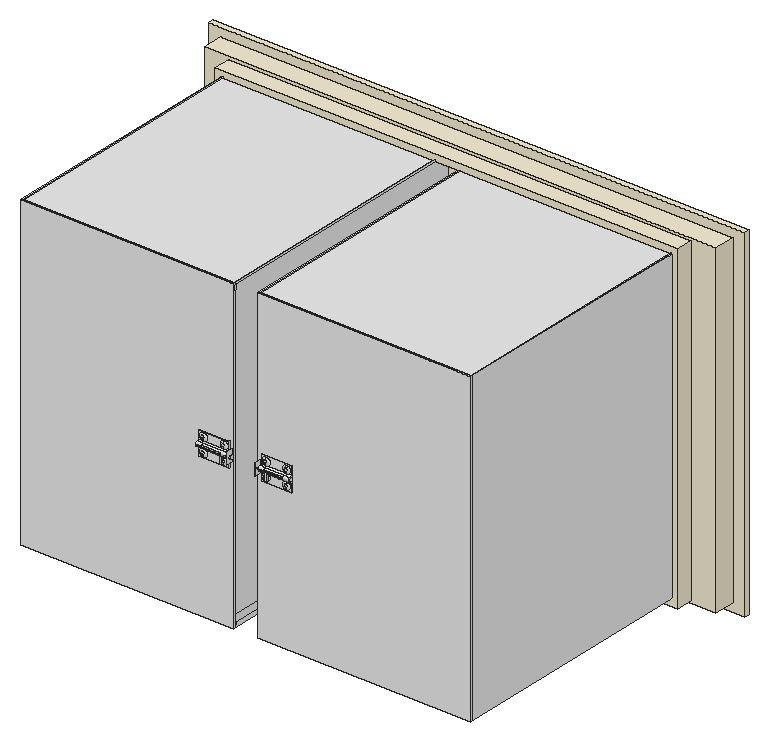
Revit family "Mailboxes_4C-Salsbury_Industries-Rear_Load-5_Door_High_Units", category Specialty Equipment, host Wall, Revit 2016
Family settings
  Host = Wall
  Part Type = Normal
  Round Connector Dimension = Use Diameter
  OmniClass Number = 23.40.90.14.11
  OmniClass Title = Mail Boxes
  Always vertical = Yes
  Cut with Voids When Loaded = No
  Shared = No
  Room Calculation Point = No
Parameters (values of type "3705D-08 RL")
  Width = 31.09766"
  URL = "www.mailboxes.com"
  OmniClass 23 Title = "Mail Boxes"
  OmniClass 23 Number = "23.40.90.14.11"
  Latch Lock-Right Side = yes
  Visible Door Number [instance] = yes
  Vertical Center Divider = yes
  Version = "3.0 (06/30/17)"
  Type Comments = "4C Standard Horizontal Mailbox - Rear Loading"
  Top Back Plate = no
  Right Inside Wall = yes
  Model = "3705D-08 RL"
  MasterFormat Title = "Postal Specialties"
  MasterFormat Number = "10 55 00"
  Manufacturer = "Salsbury Industries"
  Lock Material = Stainless Steel - Salsbury Finish -  Polished
  Left Inside Wall = yes
  Latch Lock-Left Side = yes
  Latch Distance = 8.963"
  Latch Alignment = 14.857"
  Keynote = ""
  Height = 20.000"
  Front Panel Material [instance] = Paint - Salsbury Finish - Sandstone
  Door Slot R5 Number [instance] = "8"
  Door Slot R5 = 3700 Series 4C Door Configurations : MB1 Door w/ Divider
  Door Slot R4 Number [instance] = "7"
  Door Slot R4 = 3700 Series 4C Door Configurations : MB1 Door w/ Divider
  Door Slot R3 Number [instance] = "0"
  Door Slot R3 = 3700 Series 4C OM2 Configuration : OM2-RL
  Door Slot R2 Number [instance] = "0"
  Door Slot R2 = 3700 Series 4C Door Configurations : Empty
  Door Slot R1 Number [instance] = "6"
  Door Slot R1 = 3700 Series 4C Door Configurations : MB1 Door
  Door Slot L5 Number [instance] = "5"
  Door Slot L5 = 3700 Series 4C Door Configurations : MB1 Door w/ Divider
  Door Slot L4 Number [instance] = "4"
  Door Slot L4 = 3700 Series 4C Door Configurations : MB1 Door w/ Divider
  Door Slot L3 Number [instance] = "3"
  Door Slot L3 = 3700 Series 4C Door Configurations : MB1 Door w/ Divider
  Door Slot L2 Number [instance] = "2"
  Door Slot L2 = 3700 Series 4C Door Configurations : MB1 Door w/ Divider
  Door Slot L1 Number [instance] = "1"
  Door Slot L1 = 3700 Series 4C Door Configurations : MB1 Door
  Description = "5 Door High Unit:  8 MB1, OM2"
  Depth = 17.025"
  Center Extrusion Offset [instance] = 0.000"
  Bottom Back Plate = no
  Back Enclosure Material = Aluminum - Salsbury Finish - Anodized
  Assembly Description = "Mailboxes"
  Assembly Code = "C1030910"
  Above Finished Floor (AFF-Bottom of Unit) [instance] = 26.683"
  Above Finished Floor (AFF-Bottom Shelf) [instance] = 28.000"
Reference planes (in)
  plane 1 "Wall Centerline": y = 0
  plane 2 "Center (Left/Right)": x = 0
  plane 3 "Front": y = 3
  plane 4 "15" AFF": z = 28
  plane 5 "28" AFF": z = 28
  plane 6 "36" AFF": z = 36
  plane 7 "48" AFF": z = 48
  plane 8 "Bottom of Unit": z = 26.683
  plane 9 "Top of Unit": z = 46.683
  plane 10 "Left Side of Unit": x = 15.54883
  plane 11 "Right Side of Unit": x = -15.54883
  plane 12 "28" AFF_Bottom of Unit": z = 26.683
  plane 13 "Top Horiz Trim Align": z = 45.85225
  plane 14 "Bottom Horiz Trim Align": z = 27.515
  plane 15 "Left Trim Align": x = 14.716
  plane 16 "Right Trim Align": x = -14.716
  plane 17 "Left Door Align": x = 14.06641
  plane 18 "Right Door Align": x = -14.06641
  plane 19 "Top Horiz Door Align": z = 45.26125
  plane 20 "Bottom Horiz Door Align": z = 28
  plane 21 "Front Face of Unit": y = 3.265
  plane 22 "Top Housing Align": z = 46.179
  plane 23 "Top Collar Align": z = 46.031
  plane 24 "Top Box Align": z = 45.676
  plane 25 "Vertical Housing Align": y = 1.795
  plane 26 "Vertical Collar Align": y = 0.795
  plane 27 "Back of Unit": y = -13.76
  plane 28 "Bottom Housing Align": z = 27.187
  plane 29 "Bottom Collar Align": z = 27.335
  plane 30 "Bottom Box Align": z = 27.75
  plane 31 "Door Alignment": y = 2.66809
  plane 32 "Right Housing Align": x = -14.84183
  plane 33 "Right Collar Align": x = -13.40883
  plane 34 "Right Box Side Align": x = -13.08083
  plane 35 "Left Housing Align": x = 14.84183
  plane 36 "Left Collar Align": x = 13.40883
  plane 37 "Left Side Box Align": x = 13.08083
  plane 38 "Top Back Plate Align": z = 44.897
  plane 39 "Bottom Back Plate Align": z = 28.499
  plane 40 "Back": y = -3
  plane 41 "RO Left Side": x = 15.17383
  plane 42 "RO Right Side": x = -15.17383
  plane 43 "RO Bottom": z = 27.058
  plane 44 "RO Top": z = 46.308
  plane 45 "Horiz Centerline": z = 42.04237
  plane 46: z = 27.885
  plane 47: x = 12.99983
  plane 48: x = 12.92758
  plane 49 "Center Extrusion": x = 0
  plane 50 "Center Extrusion Offset": x = 0
  plane 51 "Row 5 Top Align": z = 31.5
  plane 52 "Row 4 Top Align": z = 35
  plane 53 "Row 3 Top Align": z = 38.5
  plane 54 "Row 2 Top Align": z = 42
  plane 55 "Row 16 Top Align-Private": z = 31.5
  plane 56 "Row 15 Top Align-Private": z = 35
  plane 57 "Row 14 Top Align-Private": z = 38.5
  plane 58 "Row 13 Top Align-Private": z = 42
  plane 59 "Row 12 Top Align-Private": z = 45.5
  plane 60 "Row 11 Top Align-Private": z = 49
  plane 61 "Row 10 Top Align-Private": z = 52.25
  plane 62 "Row 9 Top Align-Private": z = 55.75
  plane 63 "Row 8 Top Align-Private": z = 59.25
  plane 64 "Top of Face Gap": z = 61.25
  plane 65 "Bottom Latch Align": z = 36.713
  plane 66 "Right Latch Align": x = -0.69183
  plane 67 "Left Latch Align": x = 0.69098
  plane 68 "Latch Alignment Edge": x = -15.54883
  plane 69: x = -12.92783
  plane 70: x = -12.99983
  plane 71: y = -13.84203
  plane 72: x = -2
  plane 73: x = -0.7705
  plane 74: x = 0.7705
  plane 75: x = 2
  plane 76: y = -13.67797
  plane 77: x = -0.69098
  plane 78: x = 0.69183
  plane 79: z = 43.397
  plane 80: z = 29.999
  plane 81: z = 45.31729
  plane 82: z = 28.41625
  plane 83: z = 27.446
  plane 84: z = 28.055
Forms (in)
  Extrusion 1, void
    sketch origin (0, 3, 0) x (1, 0, 0) y (0, 0, 1)
      loop
        line (15.17383, 46.308) -> (-15.17383, 46.308) -> (-15.17383, 27.058) -> (15.17383, 27.058) -> (15.17383, 46.308)
    from 0 to 15.27914
  Extrusion 2, solid, material "Paint - Salsbury Finish - Sandstone" <- "Front Panel Material"
    sketch origin (0, 3, 0) x (1, 0, 0) y (0, 0, 1)
      loop
        line (15.54883, 46.683) -> (-15.54883, 46.683) -> (-15.54883, 26.683) -> (15.54883, 26.683) -> (15.54883, 46.683)
    from -0.265 to 0
  Extrusion 3, void
    sketch origin (0, 3.265, 0.00774) x (0, 0, -1) y (-1, 0, 0)
      loop
        line (-45.84451, -14.716) -> (-27.50726, -14.716) -> (-27.50726, 14.716) -> (-45.84451, 14.716) -> (-45.84451, -14.716)
    from -0.265 to 0
  Extrusion 4, solid, material "Paint - Salsbury Finish - Sandstone" <- "Front Panel Material"
    sketch origin (14.98214, 3.265, -1.67978) x (0, 0, -1) y (-1, 0, 0)
      loop
        line (-47.53203, 29.69814) -> (-47.53203, 29.04855) -> (-29.19478, 29.04855) -> (-29.19478, 29.69814) -> (-47.53203, 29.69814)
    from 0 to -0.265
  Extrusion 5, solid, material "Paint - Salsbury Finish - Sandstone" <- "Front Panel Material"
    sketch origin (0, 3.265, 0) x (0, 0, -1) y (-1, 0, 0)
      loop
        line (-27.515, -14.06641) -> (-27.515, 14.06641) -> (-28, 14.06641) -> (-28, -14.06641) -> (-27.515, -14.06641)
    from -0.265 to 0
  Extrusion 6, solid, material "Paint - Salsbury Finish - Sandstone" <- "Front Panel Material"
    sketch origin (0, 3, 84.08475) x (1, 0, 0) y (0, 0, 1)
      loop
        line (-14.84183, -56.89775) -> (14.84183, -56.89775) -> (14.84183, -37.90575) -> (-14.84183, -37.90575) -> (-14.84183, -56.89775)
    from 0 to 1.205
  Extrusion 7, solid, material "Paint - Salsbury Finish - Sandstone" <- "Front Panel Material"
    sketch origin (0, 1.795, 0) x (0, 0, 1) y (-1, 0, 0)
      loop
        line (27.335, 13.40883) -> (27.335, -13.40883) -> (46.031, -13.40883) -> (46.031, 13.40883) -> (27.335, 13.40883)
    from 0 to 1
  Extrusion 8, void
    sketch origin (0, 1.795, 0) x (0, 0, 1) y (-1, 0, 0)
      loop
        line (45.676, 13.08083) -> (27.75, 13.08083) -> (27.75, -13.08083) -> (45.676, -13.08083) -> (45.676, 13.08083)
    from 0 to 1
  Extrusion 9, solid, material "Paint - Salsbury Finish - Sandstone" <- "Front Panel Material"
    sketch origin (0, 3.265, 0) x (0, 0, -1) y (-1, 0, 0)
      loop
        line (-45.85225, -14.716) -> (-27.515, -14.716) -> (-27.515, -14.06641) -> (-45.85225, -14.06641) -> (-45.85225, -14.716)
    from 0 to -0.265
  Extrusion 10, solid, material "Paint - Salsbury Finish - Sandstone" <- "Front Panel Material"
    sketch origin (0, 3.265, 0) x (0, 0, -1) y (-1, 0, 0)
      loop
        line (-45.85225, -14.06641) -> (-45.26125, -14.06641) -> (-45.26125, 14.06641) -> (-45.85225, 14.06641) -> (-45.85225, -14.06641)
    from -0.265 to 0
  Extrusion 11, void
    sketch origin (0, 1.795, 0) x (0, 0, 1) y (-1, 0, 0)
      loop
        line (46.031, -13.40883) -> (46.031, 13.40883) -> (27.335, 13.40883) -> (27.335, -13.40883) -> (46.031, -13.40883)
    from -1.124 to 0
  Extrusion 12, void
    sketch origin (0, 3, 0) x (1, 0, 0) y (0, 0, 1)
      loop
        line (14.06641, 46.031) -> (-14.06641, 46.031) -> (-14.06641, 27.335) -> (14.06641, 27.335) -> (14.06641, 46.031)
    from 0 to 0.33191
  Extrusion 13, solid, material "Aluminum - Salsbury Finish - Anodized" <- "Back Enclosure Material"
    sketch origin (-0.58189, 1.795, 0) x (0, 0, 1) y (-1, 0, 0)
      loop
        line (45.676, 12.49894) -> (27.75, 12.49894) -> (27.75, 12.41794) -> (45.676, 12.41794) -> (45.676, 12.49894)
    from 0 to 15.47297
  Extrusion 14, solid, material "Aluminum - Salsbury Finish - Anodized" <- "Back Enclosure Material", visible <- "Right Inside Wall"
    sketch origin (11.7675, 1.795, 0) x (0, 0, 1) y (-1, 0, 0)
      loop
        line (45.676, 12.538) -> (27.75, 12.538) -> (27.75, 12.45933) -> (45.676, 12.45933) -> (45.676, 12.538)
    from 0 to 15.47297
  Extrusion 15, solid, material "Aluminum - Salsbury Finish - Anodized" <- "Back Enclosure Material"
    sketch origin (0.54283, 1.795, 0) x (0, 0, 1) y (-1, 0, 0)
      loop
        line (45.676, -12.538) -> (45.676, -12.457) -> (27.75, -12.457) -> (27.75, -12.538) -> (45.676, -12.538)
    from 0 to 15.47297
  Extrusion 16, solid, material "Aluminum - Salsbury Finish - Anodized" <- "Back Enclosure Material", visible <- "Left Inside Wall"
    sketch origin (-11.7675, 1.795, 0) x (0, 0, 1) y (-1, 0, 0)
      loop
        line (45.676, -12.538) -> (45.676, -12.45849) -> (27.75, -12.45849) -> (27.75, -12.538) -> (45.676, -12.538)
    from 0 to 15.47297
  Extrusion 17, solid, material "Aluminum - Salsbury Finish - Anodized" <- "Back Enclosure Material"
    sketch origin (0, -13.76, 0) x (0, 0, 1) y (-1, 0, 0)
      loop
        line (45.676, 13.08083) -> (27.75, 13.08083) -> (27.75, -13.08083) -> (45.676, -13.08083) -> (45.676, 13.08083)
    from -0.08203 to 0
  Extrusion 18, solid, material "Aluminum - Salsbury Finish - Anodized" <- "Back Enclosure Material"
    sketch origin (-0.15625, 0, 45.676) x (0, 1, 0) y (-1, 0, 0)
      loop
        line (1.795, 12.84358) -> (-13.67797, 12.84358) -> (-13.67797, -13.15608) -> (1.795, -13.15608) -> (1.795, 12.84358)
    from -0.35871 to 0
  Extrusion 19, void
    sketch origin (0, 0, 45.676) x (0, 1, 0) y (-1, 0, 0)
      loop
        line (1.7325, 12.93342) -> (-13.61547, 12.93342) -> (-13.61547, -12.92758) -> (1.7325, -12.92758) -> (1.7325, 12.93342)
    from -0.0723 to -0.6459
  Extrusion 20, solid, material "Aluminum - Salsbury Finish - Anodized" <- "Back Enclosure Material"
    sketch origin (0, 0, 15.41625) x (1, 0, 0) y (0, 1, 0)
      loop
        line (-12.99983, 1.795) -> (-12.99983, -13.67797) -> (12.99983, -13.67797) -> (12.99983, 1.795) -> (-12.99983, 1.795)
    from 12.46875 to 13
  Extrusion 21, void
    sketch origin (0, 0, 26.66625) x (1, 0, 0) y (0, 1, 0)
      loop
        line (-12.93342, 1.7325) -> (-12.93342, -13.61547) -> (12.92758, -13.61547) -> (12.92758, 1.7325) -> (-12.93342, 1.7325)
    from 1.38875 to 0.77975
  Extrusion 22, solid, material "Aluminum - Salsbury Finish - Anodized" <- "Back Enclosure Material", visible <- "Top Back Plate", detail levels medium+fine
    sketch origin (0, -13.76, 0) x (0, 0, 1) y (-1, 0, 0)
      loop
        line (44.897, 2) -> (43.397, 2) -> (43.397, -2) -> (44.897, -2) -> (44.897, 2)
    from 0 to 0.08203
  Extrusion 23, solid, material "Aluminum - Salsbury Finish - Anodized" <- "Back Enclosure Material", visible <- "Bottom Back Plate", detail levels medium+fine
    sketch origin (0, -13.76, 84.11475) x (0, 0, -1) y (1, 0, 0)
      loop
        line (55.61575, -2) -> (55.61575, 2) -> (54.11575, 2) -> (54.11575, -2) -> (55.61575, -2)
    from 0 to 0.08203
  Extrusion 24, void
    sketch origin (0, 0, 0) x (0, 0, -1) y (0, 1, 0)
      loop
        line (-45.676, 1.795) -> (-45.676, -13.76) -> (-27.75, -13.76) -> (-27.75, 1.795) -> (-27.515, 1.795) -> (-27.515, 3.265) -> (-45.85225, 3.265) -> (-45.85225, 1.795) -> (-45.676, 1.795)
    from -0.69098 to 0.69183
  Extrusion 25, solid, material "Paint - Salsbury Finish - Sandstone" <- "Front Panel Material", visible <- "Vertical Center Divider"
    sketch origin (-0.77934, 3.265, 0) x (0, 0, -1) y (-1, 0, 0)
      loop
        line (-45.85225, -1.47033) -> (-27.515, -1.47033) -> (-27.515, -0.08752) -> (-45.85225, -0.08752) -> (-45.85225, -1.47033)
    from 0 to -1.47
Cuts and joins
  Extrusion 3, Extrusion 11, Extrusion 24 cuts Extrusion 2
  Extrusion 8, Extrusion 11, Extrusion 12, Extrusion 24 cuts Extrusion 5
  Extrusion 8, Extrusion 12, Extrusion 19, Extrusion 24 cuts Extrusion 7
  Extrusion 11, Extrusion 12, Extrusion 24 cuts Extrusion 10
  Extrusion 11, Extrusion 12 cuts Extrusion 6
  Extrusion 12 cuts Extrusion 4
  Extrusion 12 cuts Extrusion 9
  Extrusion 19, Extrusion 21, Extrusion 24 cuts Extrusion 18
  Extrusion 21, Extrusion 24 cuts Extrusion 20
  Extrusion 24 cuts Extrusion 17
  Extrusion 24 cuts Extrusion 22
  Extrusion 24 cuts Extrusion 23
Lines and regions (in)
  model lines
    curve 1: line (15.54883, 3.265, 46.683) -> (14.716, 3.265, 45.85225)
    curve 2: line (-15.54883, 3.265, 46.683) -> (-14.716, 3.265, 45.85225)
    curve 3: line (-15.54883, 3.265, 26.683) -> (-14.716, 3.265, 27.515)
    curve 4: line (15.54883, 3.265, 26.683) -> (14.716, 3.265, 27.515)
  reference lines
    curve 5: line (-14.06641, 2.66809, 26.683) -> (-14.06641, 2.66809, 46.683)
    curve 6: line (14.06641, 2.66809, 26.683) -> (14.06641, 2.66809, 46.683)
  symbolic lines
    curve 7: line (-13.08083, -13.76, 28) -> (13.08083, -13.76, 28)
    curve 8: line (-13.08083, 0.795, 28) -> (-13.08083, -13.76, 28)
    curve 9: line (13.40883, 0.795, 28) -> (-13.40883, 0.795, 28)
    curve 10: line (13.08083, -13.76, 28) -> (13.08083, 0.795, 28)
    curve 11: line (13.40883, 0.795, 28) -> (13.40883, 1.795, 28)
    curve 12: line (-13.40883, 0.795, 28) -> (-13.40883, 1.795, 28)
    curve 13: line (-14.84183, 3, 28) -> (-14.84183, 1.795, 28)
    curve 14: line (-14.84183, 1.795, 28) -> (14.84183, 1.795, 28)
    curve 15: line (14.84183, 1.795, 28) -> (14.84183, 3, 28)
    curve 16: line (-15.54883, 3.265, 28) -> (15.54883, 3.265, 28)
    curve 17: line (-15.54883, 3, 28) -> (-15.54883, 3.265, 28)
    curve 18: line (15.54883, 3, 28) -> (-15.54883, 3, 28)
    curve 19: line (15.54883, 3.265, 28) -> (15.54883, 3, 28)
    curve 20: line (-14.06641, 3.265, 28) -> (-14.06641, 4.43, 28)
    curve 21: line (-14.06641, 4.43, 28) -> (-0.69183, 4.43, 28)
    curve 22: line (-0.69183, 4.43, 28) -> (-0.69183, 3.265, 28)
Text (in)
  text "Placement Side" at (0, 40.15149, 123.01588), in view "Right"
  text "Placement Side" at (-58.6842, 42.74981, 0), in view "Ref. Level"
  text "Placement Side" at (0, 47.49176, 140.59947), in view "Left"
Dimensions and locks (in)
  locked: plane 3 "Front" to host wall
  "Above Finished Floor (AFF-Bottom Shelf)": level to plane 4 "15" AFF"
  locked: level to plane 5 "28" AFF" at 28
  locked: level to plane 6 "36" AFF" at 36
  locked: level to plane 7 "48" AFF" at 48
  equal spacing: plane 11 "Right Side of Unit", plane 2 "Center (Left/Right)", plane 10 "Left Side of Unit"
  plane 8 "Bottom of Unit" to plane 4 "15" AFF" = 1.317"
  "Width": plane 11 "Right Side of Unit" to plane 10 "Left Side of Unit"
  "Height": plane 8 "Bottom of Unit" to plane 9 "Top of Unit"
  plane 12 "28" AFF_Bottom of Unit" to plane 5 "28" AFF" = 1.317"
  locked: plane 15 "Left Trim Align" to plane 10 "Left Side of Unit" at 0.83283
  locked: plane 16 "Right Trim Align" to plane 11 "Right Side of Unit" at 0.83283
  locked: plane 13 "Top Horiz Trim Align" to plane 9 "Top of Unit" at 0.83075
  locked: plane 8 "Bottom of Unit" to plane 14 "Bottom Horiz Trim Align" at 0.832
  plane 17 "Left Door Align" to plane 15 "Left Trim Align" = 0.64959"
  plane 18 "Right Door Align" to plane 16 "Right Trim Align" = 0.64959"
  locked: plane 19 "Top Horiz Door Align" to plane 13 "Top Horiz Trim Align" at 0.591
  locked: plane 14 "Bottom Horiz Trim Align" to plane 20 "Bottom Horiz Door Align" at 0.485
  plane 20 "Bottom Horiz Door Align" to level = 28.000"
  plane 5 "28" AFF" to level = 28.000"
  plane 6 "36" AFF" to level = 36.000"
  plane 7 "48" AFF" to level = 48.000"
  plane 9 "Top of Unit" to plane 8 "Bottom of Unit" = 20.000"
  plane 21 "Front Face of Unit" to host wall = 0.265"
  locked: host wall to plane 25 "Vertical Housing Align" at 1.205
  locked: plane 25 "Vertical Housing Align" to plane 26 "Vertical Collar Align" at 1
  plane 25 "Vertical Housing Align" to plane 27 "Back of Unit" = 15.555"
  "Depth": plane 21 "Front Face of Unit" to plane 27 "Back of Unit"
  locked: plane 9 "Top of Unit" to plane 22 "Top Housing Align" at 0.504
  locked: plane 22 "Top Housing Align" to plane 23 "Top Collar Align" at 0.148
  locked: plane 23 "Top Collar Align" to plane 24 "Top Box Align" at 0.355
  locked: plane 28 "Bottom Housing Align" to plane 8 "Bottom of Unit" at 0.504
  locked: plane 29 "Bottom Collar Align" to plane 28 "Bottom Housing Align" at 0.148
  locked: plane 30 "Bottom Box Align" to plane 29 "Bottom Collar Align" at 0.415
  plane 24 "Top Box Align" to plane 30 "Bottom Box Align" = 17.926"  (x2)
  locked: plane 21 "Front Face of Unit" to plane 31 "Door Alignment" at 0.59691
  plane 11 "Right Side of Unit" to plane 32 "Right Housing Align" to plane 33 "Right Collar Align" to plane 34 "Right Box Side Align" = 0.707" locked, 1.433" locked, 0.328" locked
  plane 37 "Left Side Box Align" to plane 36 "Left Collar Align" to plane 35 "Left Housing Align" to plane 10 "Left Side of Unit" = 0.328" locked, 1.433" locked, 0.707" locked
  plane 11 "Right Side of Unit" to plane 32 "Right Housing Align" to plane 33 "Right Collar Align" to plane 34 "Right Box Side Align" = 0.707", 1.433", 0.328"
  plane 37 "Left Side Box Align" to plane 36 "Left Collar Align" to plane 35 "Left Housing Align" to plane 10 "Left Side of Unit" = 0.328", 1.433", 0.707"
  plane 9 "Top of Unit" to plane 24 "Top Box Align" = 1.007"
  plane 30 "Bottom Box Align" to plane 8 "Bottom of Unit" = 1.067"
  locked: plane 24 "Top Box Align" to plane 38 "Top Back Plate Align" at 0.779
  locked: plane 39 "Bottom Back Plate Align" to plane 30 "Bottom Box Align" at 0.749
  locked: plane 41 "RO Left Side" to plane 10 "Left Side of Unit" at 0.375
  locked: plane 42 "RO Right Side" to plane 11 "Right Side of Unit" at 0.375
  locked: plane 8 "Bottom of Unit" to plane 43 "RO Bottom" at 0.375
  locked: plane 44 "RO Top" to plane 9 "Top of Unit" at 0.375
  Extrusion 13 to Extrusion 13 = 0.081"
  plane 46 to plane 30 "Bottom Box Align" = 0.135"
  Extrusion 15 to Extrusion 15 = 0.081"
  plane 47 to plane 37 "Left Side Box Align" = 0.081"
  plane 48 to plane 47 = 0.07225"
  plane 18 "Right Door Align" to plane 17 "Left Door Align" = 28.13281"
  "Center Extrusion Offset": plane 49 "Center Extrusion" to plane 50 "Center Extrusion Offset"
  plane 20 "Bottom Horiz Door Align" to plane 51 "Row 5 Top Align" to plane 52 "Row 4 Top Align" to plane 53 "Row 3 Top Align" to plane 54 "Row 2 Top Align" = 3.500", 3.500" locked, 3.500" locked, 3.500" locked
  plane 4 "15" AFF" to plane 55 "Row 16 Top Align-Private" = 3.500"
  plane 55 "Row 16 Top Align-Private" to plane 56 "Row 15 Top Align-Private" to plane 57 "Row 14 Top Align-Private" to plane 58 "Row 13 Top Align-Private" to plane 59 "Row 12 Top Align-Private" to plane 60 "Row 11 Top Align-Private" to plane 61 "Row 10 Top Align-Private" to plane 62 "Row 9 Top Align-Private" to plane 63 "Row 8 Top Align-Private" = 3.500" locked, 3.500" locked, 3.500" locked, 3.500" locked, 3.500" locked, 3.250" locked, 3.500" locked, 3.500" locked
  locked: plane 63 "Row 8 Top Align-Private" to plane 64 "Top of Face Gap" at 2
  "Above Finished Floor (AFF-Bottom of Unit)": level to plane 8 "Bottom of Unit"
  locked: plane 66 "Right Latch Align" to plane 67 "Left Latch Align" at 1.38281
  "Latch Distance": plane 65 "Bottom Latch Align" to plane 30 "Bottom Box Align"
  "Latch Alignment": plane 68 "Latch Alignment Edge" to plane 66 "Right Latch Align"
  curve 15 to curve 19 = 0.707"
  plane 34 "Right Box Side Align" to plane 70 to plane 69 = 0.081", 0.072"
  plane 71 to plane 27 "Back of Unit" = 0.08203"
  plane 27 "Back of Unit" to plane 76 = 0.08203"
  cut or joined group of Extrusion 6, Extrusion 11, Extrusion 12 to Extrusion 25 = 18.66525"
  plane 72 to plane 73 to plane 66 "Right Latch Align" to plane 50 "Center Extrusion Offset" = 1.2295", 0.07867", 0.69183"
  plane 50 "Center Extrusion Offset" to plane 67 "Left Latch Align" to plane 74 to plane 75 = 0.69098", 0.07952", 1.2295"
  plane 77 to plane 49 "Center Extrusion" to plane 78 = 0.69098" locked, 0.69183" locked
  plane 11 "Right Side of Unit" to Extrusion 2 = 31.09766"
  plane 10 "Left Side of Unit" to Extrusion 6 = 30.39066"
  plane 38 "Top Back Plate Align" to plane 79 = 1.500"
  plane 80 to plane 39 "Bottom Back Plate Align" = 1.500"
  plane 4 "15" AFF" to Extrusion 13 = 17.676"
  plane 4 "15" AFF" to Extrusion 14 = 17.676"
  Extrusion 14 to Extrusion 16 = 17.926"
  Extrusion 16 to Extrusion 15 = 17.926"
  locked: plane 81 to plane 24 "Top Box Align" at 0.35871
  plane 14 "Bottom Horiz Trim Align" to plane 82 = 0.90125"
  plane 83 to plane 30 "Bottom Box Align" to plane 84 = 0.304" locked, 0.305" locked
  aligned and locked: plane 8 "Bottom of Unit" to Extrusion 2 sketch curve
  aligned and locked: plane 10 "Left Side of Unit" to Extrusion 2 sketch curve
  aligned and locked: Extrusion 2 sketch curve to plane 11 "Right Side of Unit"
  aligned and locked: Extrusion 2 sketch curve to plane 9 "Top of Unit"
  aligned and locked: plane 21 "Front Face of Unit" to Extrusion 2
  aligned and locked: Extrusion 4 to plane 16 "Right Trim Align"
  aligned and locked: plane 18 "Right Door Align" to Extrusion 4
  aligned and locked: plane 13 "Top Horiz Trim Align" to Extrusion 4
  aligned and locked: Extrusion 5 to plane 14 "Bottom Horiz Trim Align"
  aligned and locked: Extrusion 5 to plane 17 "Left Door Align"
  aligned and locked: plane 20 "Bottom Horiz Door Align" to Extrusion 5
  aligned and locked: Extrusion 5 to plane 18 "Right Door Align"
  aligned and locked: plane 34 "Right Box Side Align" to Extrusion 17 sketch curve
  aligned and locked: Extrusion 17 sketch curve to plane 24 "Top Box Align"
  aligned and locked: Extrusion 17 sketch curve to plane 37 "Left Side Box Align"
  aligned and locked: plane 30 "Bottom Box Align" to Extrusion 17 sketch curve
  aligned and locked: plane 25 "Vertical Housing Align" to Extrusion 18 sketch curve
  aligned and locked: Extrusion 18 sketch curve to plane 47
  aligned and locked: plane 48 to Extrusion 19
  aligned and locked: plane 47 to cut or joined group of Extrusion 18, Extrusion 19, Extrusion 21, Extrusion 24
  aligned and locked: plane 25 "Vertical Housing Align" to Extrusion 20 sketch curve
  aligned and locked: Extrusion 20 sketch curve to plane 47
  aligned and locked: plane 48 to cut or joined group of Extrusion 20, Extrusion 21, Extrusion 24
  aligned and locked: plane 17 "Left Door Align" to cut or joined group of Extrusion 9, Extrusion 12
  aligned and locked: plane 25 "Vertical Housing Align" to Extrusion 25
  aligned and locked: plane 21 "Front Face of Unit" to Extrusion 25
  aligned and locked: nested 1 to plane 54 "Row 2 Top Align"
  aligned and locked: nested 6 to plane 17 "Left Door Align"
  aligned and locked: nested 6 to plane 54 "Row 2 Top Align"
  aligned and locked: plane 31 "Door Alignment" to nested 6  (x2)
  aligned and locked: nested 7 to plane 17 "Left Door Align"
  aligned and locked: nested 7 to plane 53 "Row 3 Top Align"
  aligned and locked: plane 31 "Door Alignment" to nested 7  (x2)
  aligned and locked: nested 5 to curve 5
  aligned and locked: nested 3 to curve 5
  aligned and locked: nested 10 to curve 6
  aligned and locked: nested 9 to curve 6
  aligned and locked: nested 8 to curve 6
  aligned and locked: nested 7 to curve 6
  aligned and locked: nested 6 to curve 6
  aligned and locked: plane 31 "Door Alignment" to nested 5
  aligned and locked: plane 31 "Door Alignment" to nested 3
  aligned and locked: plane 31 "Door Alignment" to nested 8
  aligned and locked: plane 31 "Door Alignment" to nested 10
  aligned and locked: plane 31 "Door Alignment" to nested 2
  aligned and locked: plane 31 "Door Alignment" to nested 4
  aligned and locked: nested 1 to curve 5
  aligned and locked: nested 2 to curve 5
  aligned and locked: nested 4 to curve 5
  aligned and locked: plane 31 "Door Alignment" to nested 1
  aligned and locked: plane 65 "Bottom Latch Align" to nested 11
  aligned and locked: plane 66 "Right Latch Align" to nested 11
  aligned and locked: plane 11 "Right Side of Unit" to plane 68 "Latch Alignment Edge"
  aligned and locked: nested 11 to plane 27 "Back of Unit"
  aligned and locked: plane 37 "Left Side Box Align" to curve 10
  aligned and locked: plane 27 "Back of Unit" to curve 7
  aligned and locked: curve 8 to plane 34 "Right Box Side Align"
  aligned and locked: curve 9 to plane 26 "Vertical Collar Align"
  aligned and locked: curve 13 to cut or joined group of Extrusion 6, Extrusion 11, Extrusion 12
  aligned and locked: curve 14 to cut or joined group of Extrusion 6, Extrusion 11, Extrusion 12
  aligned and locked: curve 15 to cut or joined group of Extrusion 6, Extrusion 11, Extrusion 12
  aligned and locked: nested 1 to curve 20
  aligned and locked: plane 66 "Right Latch Align" to curve 22
  aligned and locked: plane 21 "Front Face of Unit" to cut or joined group of Extrusion 2, Extrusion 3, Extrusion 11, Extrusion 24
  aligned and locked: plane 3 "Front" to cut or joined group of Extrusion 2, Extrusion 3, Extrusion 11, Extrusion 24
  aligned and locked: plane 35 "Left Housing Align" to cut or joined group of Extrusion 6, Extrusion 11, Extrusion 12  (x2)
  aligned and locked: plane 25 "Vertical Housing Align" to cut or joined group of Extrusion 6, Extrusion 11, Extrusion 12
  aligned and locked: cut or joined group of Extrusion 6, Extrusion 11, Extrusion 12 to plane 3 "Front"
  aligned and locked: cut or joined group of Extrusion 6, Extrusion 11, Extrusion 12 to plane 32 "Right Housing Align"
  aligned and locked: plane 26 "Vertical Collar Align" to cut or joined group of Extrusion 7, Extrusion 8, Extrusion 12, Extrusion 19, Extrusion 24
  aligned and locked: cut or joined group of Extrusion 7, Extrusion 8, Extrusion 12, Extrusion 19, Extrusion 24 to plane 33 "Right Collar Align"
  aligned and locked: cut or joined group of Extrusion 7, Extrusion 8, Extrusion 12, Extrusion 19, Extrusion 24 to plane 25 "Vertical Housing Align"
  aligned and locked: plane 36 "Left Collar Align" to cut or joined group of Extrusion 7, Extrusion 8, Extrusion 12, Extrusion 19, Extrusion 24
  aligned and locked: plane 37 "Left Side Box Align" to Extrusion 15
  aligned and locked: Extrusion 15 to plane 47  (x2)
  aligned and locked: plane 27 "Back of Unit" to cut or joined group of Extrusion 17, Extrusion 24
  aligned and locked: Extrusion 13 to plane 34 "Right Box Side Align"
  aligned and locked: plane 37 "Left Side Box Align" to cut or joined group of Extrusion 17, Extrusion 24
  aligned and locked: plane 70 to Extrusion 13
  aligned and locked: cut or joined group of Extrusion 18, Extrusion 19, Extrusion 21, Extrusion 24 to plane 70
  aligned and locked: plane 71 to cut or joined group of Extrusion 22, Extrusion 24
  aligned and locked: plane 71 to cut or joined group of Extrusion 23, Extrusion 24
  aligned and locked: cut or joined group of Extrusion 22, Extrusion 24 to plane 27 "Back of Unit"
  aligned and locked: cut or joined group of Extrusion 23, Extrusion 24 to plane 27 "Back of Unit"
  aligned and locked: plane 74 to Extrusion 16
  aligned and locked: Extrusion 14 to plane 73
  aligned and locked: plane 75 to cut or joined group of Extrusion 22, Extrusion 24
  aligned and locked: plane 72 to cut or joined group of Extrusion 22, Extrusion 24  (x2)
  aligned and locked: plane 72 to cut or joined group of Extrusion 23, Extrusion 24  (x2)
  aligned and locked: cut or joined group of Extrusion 23, Extrusion 24 to plane 75  (x2)
  aligned and locked: plane 76 to cut or joined group of Extrusion 17, Extrusion 24
  aligned and locked: plane 76 to cut or joined group of Extrusion 18, Extrusion 19, Extrusion 21, Extrusion 24
  aligned and locked: Extrusion 15 to plane 25 "Vertical Housing Align"
  aligned and locked: Extrusion 16 to plane 25 "Vertical Housing Align"
  aligned and locked: Extrusion 14 to plane 25 "Vertical Housing Align"
  aligned and locked: Extrusion 13 to plane 25 "Vertical Housing Align"
  aligned and locked: plane 76 to Extrusion 15
  aligned and locked: plane 76 to Extrusion 16
  aligned and locked: plane 76 to Extrusion 14
  aligned and locked: plane 76 to Extrusion 13
  aligned and locked: Extrusion 14 to plane 66 "Right Latch Align"
  aligned and locked: plane 13 "Top Horiz Trim Align" to cut or joined group of Extrusion 9, Extrusion 12
  aligned and locked: cut or joined group of Extrusion 9, Extrusion 12 to plane 15 "Left Trim Align"
  aligned and locked: cut or joined group of Extrusion 9, Extrusion 12 to plane 14 "Bottom Horiz Trim Align"
  aligned and locked: cut or joined group of Extrusion 4, Extrusion 12 to plane 14 "Bottom Horiz Trim Align"
  aligned and locked: cut or joined group of Extrusion 10, Extrusion 11, Extrusion 12, Extrusion 24 to plane 17 "Left Door Align"
  aligned and locked: cut or joined group of Extrusion 10, Extrusion 11, Extrusion 12, Extrusion 24 to plane 18 "Right Door Align"
  aligned and locked: cut or joined group of Extrusion 10, Extrusion 11, Extrusion 12, Extrusion 24 to plane 19 "Top Horiz Door Align"
  aligned and locked: plane 13 "Top Horiz Trim Align" to cut or joined group of Extrusion 10, Extrusion 11, Extrusion 12, Extrusion 24
  aligned and locked: plane 21 "Front Face of Unit" to cut or joined group of Extrusion 9, Extrusion 12
  aligned and locked: plane 3 "Front" to cut or joined group of Extrusion 9, Extrusion 12
  aligned and locked: plane 21 "Front Face of Unit" to cut or joined group of Extrusion 4, Extrusion 12
  aligned and locked: plane 3 "Front" to cut or joined group of Extrusion 4, Extrusion 12
  aligned and locked: plane 13 "Top Horiz Trim Align" to Extrusion 25
  aligned and locked: Extrusion 25 to plane 14 "Bottom Horiz Trim Align"
  aligned and locked: plane 66 "Right Latch Align" to Extrusion 25
  aligned and locked: Extrusion 25 to plane 67 "Left Latch Align"
  aligned and locked: plane 67 "Left Latch Align" to Extrusion 16
  aligned and locked: plane 77 to Extrusion 24
  aligned and locked: plane 78 to Extrusion 24
  aligned and locked: plane 27 "Back of Unit" to Extrusion 24
  aligned and locked: plane 21 "Front Face of Unit" to Extrusion 24
  aligned and locked: nested 11 to plane 66 "Right Latch Align"
  aligned and locked: plane 9 "Top of Unit" to curve 5
  aligned and locked: plane 8 "Bottom of Unit" to curve 5
  aligned and locked: plane 8 "Bottom of Unit" to curve 6
  aligned and locked: curve 6 to plane 17 "Left Door Align"
  aligned and locked: plane 22 "Top Housing Align" to cut or joined group of Extrusion 6, Extrusion 11, Extrusion 12
  aligned and locked: plane 28 "Bottom Housing Align" to cut or joined group of Extrusion 6, Extrusion 11, Extrusion 12
  aligned and locked: cut or joined group of Extrusion 7, Extrusion 8, Extrusion 12, Extrusion 19, Extrusion 24 to plane 29 "Bottom Collar Align"
  aligned and locked: plane 23 "Top Collar Align" to cut or joined group of Extrusion 7, Extrusion 8, Extrusion 12, Extrusion 19, Extrusion 24
  aligned and locked: plane 10 "Left Side of Unit" to curve 1
  aligned and locked: plane 9 "Top of Unit" to curve 1
  aligned and locked: plane 15 "Left Trim Align" to curve 1
  aligned and locked: plane 13 "Top Horiz Trim Align" to curve 1
  aligned and locked: plane 11 "Right Side of Unit" to curve 2
  aligned and locked: plane 9 "Top of Unit" to curve 2
  aligned and locked: plane 16 "Right Trim Align" to curve 2
  aligned and locked: plane 13 "Top Horiz Trim Align" to curve 2
  aligned and locked: plane 10 "Left Side of Unit" to curve 4
  aligned and locked: plane 8 "Bottom of Unit" to curve 4
  aligned and locked: plane 15 "Left Trim Align" to curve 4
  aligned and locked: plane 14 "Bottom Horiz Trim Align" to curve 4
  aligned and locked: plane 8 "Bottom of Unit" to curve 3
  aligned and locked: plane 11 "Right Side of Unit" to curve 3
  aligned and locked: plane 16 "Right Trim Align" to curve 3
  aligned and locked: plane 14 "Bottom Horiz Trim Align" to curve 3
  aligned and locked: cut or joined group of Extrusion 22, Extrusion 24 to plane 38 "Top Back Plate Align"
  aligned and locked: cut or joined group of Extrusion 22, Extrusion 24 to plane 75
  aligned and locked: plane 79 to cut or joined group of Extrusion 22, Extrusion 24
  aligned and locked: cut or joined group of Extrusion 23, Extrusion 24 to plane 39 "Bottom Back Plate Align"
  aligned and locked: plane 80 to cut or joined group of Extrusion 23, Extrusion 24
  aligned and locked: plane 24 "Top Box Align" to Extrusion 13
  aligned and locked: Extrusion 13 to plane 30 "Bottom Box Align"
  aligned and locked: plane 24 "Top Box Align" to Extrusion 14
  aligned and locked: Extrusion 14 to plane 30 "Bottom Box Align"
  aligned and locked: Extrusion 16 to plane 30 "Bottom Box Align"
  aligned and locked: plane 24 "Top Box Align" to Extrusion 16
  aligned and locked: plane 24 "Top Box Align" to Extrusion 15
  aligned and locked: Extrusion 15 to plane 30 "Bottom Box Align"
  aligned and locked: plane 24 "Top Box Align" to cut or joined group of Extrusion 18, Extrusion 19, Extrusion 21, Extrusion 24
  aligned and locked: plane 81 to cut or joined group of Extrusion 18, Extrusion 19, Extrusion 21, Extrusion 24
  aligned and locked: cut or joined group of Extrusion 20, Extrusion 21, Extrusion 24 to plane 46
  aligned and locked: plane 82 to cut or joined group of Extrusion 20, Extrusion 21, Extrusion 24
  aligned and locked: plane 76 to cut or joined group of Extrusion 20, Extrusion 21, Extrusion 24
  aligned and locked: cut or joined group of Extrusion 20, Extrusion 21, Extrusion 24 to plane 70
  aligned and locked: plane 21 "Front Face of Unit" to cut or joined group of Extrusion 5, Extrusion 8, Extrusion 11, Extrusion 12, Extrusion 24
  aligned and locked: plane 3 "Front" to cut or joined group of Extrusion 5, Extrusion 8, Extrusion 11, Extrusion 12, Extrusion 24
  aligned and locked: plane 21 "Front Face of Unit" to cut or joined group of Extrusion 10, Extrusion 11, Extrusion 12, Extrusion 24
  aligned and locked: plane 3 "Front" to cut or joined group of Extrusion 10, Extrusion 11, Extrusion 12, Extrusion 24
  aligned and locked: plane 52 "Row 4 Top Align" to nested 3
  aligned and locked: plane 52 "Row 4 Top Align" to nested 8
  aligned and locked: plane 51 "Row 5 Top Align" to nested 4
  aligned and locked: plane 51 "Row 5 Top Align" to nested 9
  aligned and locked: plane 31 "Door Alignment" to nested 9
  aligned and locked: plane 53 "Row 3 Top Align" to nested 2
  aligned and locked: plane 20 "Bottom Horiz Door Align" to nested 5
  aligned and locked: plane 20 "Bottom Horiz Door Align" to nested 10
  aligned and locked: Extrusion 21 to plane 84
  aligned and locked: plane 83 to Extrusion 21
  aligned and locked: plane 65 "Bottom Latch Align" to nested 12
  aligned and locked: plane 67 "Left Latch Align" to nested 12
Automatic sketch dimensions
  Extrusion 1 sketch curve to plane 42 "RO Right Side" = 0.000"
  plane 41 "RO Left Side" to Extrusion 1 sketch curve = 0.000"
  Extrusion 1 sketch curve to plane 43 "RO Bottom" = 0.000"
  Extrusion 1 sketch curve to plane 44 "RO Top" = 0.000"
  Extrusion 6 sketch curve to plane 22 "Top Housing Align" = 0.000"
  plane 32 "Right Housing Align" to Extrusion 6 sketch curve = 0.000"
  Extrusion 6 sketch curve to plane 35 "Left Housing Align" = 0.000"
  Extrusion 6 sketch curve to plane 28 "Bottom Housing Align" = 0.000"
  Extrusion 7 sketch curve to plane 29 "Bottom Collar Align" = 0.000"
  plane 23 "Top Collar Align" to Extrusion 7 sketch curve = 0.000"
  plane 36 "Left Collar Align" to Extrusion 7 sketch curve = 0.000"
  Extrusion 7 sketch curve to plane 33 "Right Collar Align" = 0.000"
  Extrusion 8 sketch curve to plane 30 "Bottom Box Align" = 0.000"
  Extrusion 8 sketch curve to plane 24 "Top Box Align" = 0.000"
  Extrusion 8 sketch curve to plane 37 "Left Side Box Align" = 0.000"
  plane 34 "Right Box Side Align" to Extrusion 8 sketch curve = 0.000"
  Extrusion 11 sketch curve to plane 29 "Bottom Collar Align" = 0.000"
  Extrusion 11 sketch curve to plane 23 "Top Collar Align" = 0.000"
  plane 36 "Left Collar Align" to Extrusion 11 sketch curve = 0.000"
  plane 33 "Right Collar Align" to Extrusion 11 sketch curve = 0.000"
  Extrusion 13 sketch curve to plane 30 "Bottom Box Align" = 0.000"
  plane 24 "Top Box Align" to Extrusion 13 sketch curve = 0.000"
  Extrusion 13 sketch curve to plane 34 "Right Box Side Align" = 0.000"
  Extrusion 13 sketch curve to Extrusion 13 sketch curve = 0.081"
  plane 30 "Bottom Box Align" to Extrusion 15 sketch curve = 0.000"
  Extrusion 15 sketch curve to plane 24 "Top Box Align" = 0.000"
  plane 37 "Left Side Box Align" to Extrusion 15 sketch curve = 0.000"
  plane 37 "Left Side Box Align" to Extrusion 15 sketch curve = 0.081"
  Extrusion 18 sketch curve to plane 27 "Back of Unit" = 0.08203"
  plane 34 "Right Box Side Align" to Extrusion 18 sketch curve = 0.081"
  plane 34 "Right Box Side Align" to Extrusion 20 sketch curve = 0.081"
  Extrusion 20 sketch curve to plane 27 "Back of Unit" = 0.08203"
  Extrusion 3 sketch curve to plane 13 "Top Horiz Trim Align" = 0.000"
  Extrusion 3 sketch curve to plane 14 "Bottom Horiz Trim Align" = 0.000"
  plane 15 "Left Trim Align" to Extrusion 3 sketch curve = 0.000"
  Extrusion 3 sketch curve to plane 16 "Right Trim Align" = 0.000"
  Extrusion 4 sketch curve to plane 13 "Top Horiz Trim Align" = 0.000"
  plane 14 "Bottom Horiz Trim Align" to Extrusion 4 sketch curve = 0.000"
  plane 16 "Right Trim Align" to Extrusion 4 sketch curve = 0.000"
  Extrusion 4 sketch curve to plane 18 "Right Door Align" = 0.000"
  plane 13 "Top Horiz Trim Align" to Extrusion 9 sketch curve = 0.000"
  Extrusion 9 sketch curve to plane 14 "Bottom Horiz Trim Align" = 0.000"
  Extrusion 9 sketch curve to plane 15 "Left Trim Align" = 0.000"
  plane 17 "Left Door Align" to Extrusion 9 sketch curve = 0.000"
  plane 13 "Top Horiz Trim Align" to Extrusion 10 sketch curve = 0.000"
  Extrusion 10 sketch curve to plane 17 "Left Door Align" = 0.000"
  Extrusion 10 sketch curve to plane 18 "Right Door Align" = 0.000"
  Extrusion 10 sketch curve to plane 19 "Top Horiz Door Align" = 0.000"
  Extrusion 12 sketch curve to plane 18 "Right Door Align" = 0.000"
  plane 17 "Left Door Align" to Extrusion 12 sketch curve = 0.000"
  Extrusion 12 sketch curve to plane 29 "Bottom Collar Align" = 0.000"
  Extrusion 12 sketch curve to plane 23 "Top Collar Align" = 0.000"
  Extrusion 14 sketch curve to plane 30 "Bottom Box Align" = 0.000"
  plane 24 "Top Box Align" to Extrusion 14 sketch curve = 0.000"
  Extrusion 14 sketch curve to plane 2 "Center (Left/Right)" = 0.69183"
  Extrusion 14 sketch curve to Extrusion 14 sketch curve = 0.07867"
  plane 30 "Bottom Box Align" to Extrusion 16 sketch curve = 0.000"
  Extrusion 16 sketch curve to plane 24 "Top Box Align" = 0.000"
  Extrusion 16 sketch curve to plane 2 "Center (Left/Right)" = 0.69098"
  Extrusion 16 sketch curve to Extrusion 16 sketch curve = 0.07952"
  Extrusion 19 sketch curve to plane 48 = 0.000"
  Extrusion 19 sketch curve to plane 27 "Back of Unit" = 0.14453"
  plane 25 "Vertical Housing Align" to Extrusion 19 sketch curve = 0.0625"
  plane 34 "Right Box Side Align" to Extrusion 19 sketch curve = 0.14741"
  Extrusion 21 sketch curve to plane 48 = 0.000"
  plane 25 "Vertical Housing Align" to Extrusion 21 sketch curve = 0.0625"
  plane 34 "Right Box Side Align" to Extrusion 21 sketch curve = 0.14741"
  Extrusion 21 sketch curve to plane 27 "Back of Unit" = 0.14453"
  Extrusion 22 sketch curve to plane 38 "Top Back Plate Align" = 0.000"
  plane 38 "Top Back Plate Align" to Extrusion 22 sketch curve = 1.500"
  plane 2 "Center (Left/Right)" to Extrusion 22 sketch curve = 2.000"
  Extrusion 22 sketch curve to plane 2 "Center (Left/Right)" = 2.000"
  Extrusion 23 sketch curve to plane 39 "Bottom Back Plate Align" = 0.000"
  Extrusion 23 sketch curve to plane 39 "Bottom Back Plate Align" = 1.500"
  Extrusion 23 sketch curve to plane 2 "Center (Left/Right)" = 2.000"
  plane 2 "Center (Left/Right)" to Extrusion 23 sketch curve = 2.000"
  plane 13 "Top Horiz Trim Align" to Extrusion 25 sketch curve = 0.000"
  Extrusion 25 sketch curve to plane 14 "Bottom Horiz Trim Align" = 0.000"
  plane 2 "Center (Left/Right)" to Extrusion 25 sketch curve = 0.69098"
  Extrusion 25 sketch curve to plane 2 "Center (Left/Right)" = 0.69183"
  plane 4 "15" AFF" to Extrusion 5 sketch curve = 0.000"
  Extrusion 5 sketch curve to plane 14 "Bottom Horiz Trim Align" = 0.000"
  Extrusion 5 sketch curve to plane 17 "Left Door Align" = 0.000"
  Extrusion 5 sketch curve to plane 18 "Right Door Align" = 0.000"
  curve 9 to plane 33 "Right Collar Align" = 0.000"
  curve 11 to plane 36 "Left Collar Align" = 0.000"
  plane 21 "Front Face of Unit" to curve 21 = 1.165"
  curve 18 to host wall = 0.000"
  curve 18 to plane 11 "Right Side of Unit" = 0.000"
  curve 16 to plane 21 "Front Face of Unit" = 0.000"
  Extrusion 24 sketch curve to plane 13 "Top Horiz Trim Align" = 0.000"
  Extrusion 24 sketch curve to plane 24 "Top Box Align" = 0.000"
  Extrusion 24 sketch curve to plane 27 "Back of Unit" = 0.000"
  Extrusion 24 sketch curve to plane 30 "Bottom Box Align" = 0.000"
  Extrusion 24 sketch curve to plane 14 "Bottom Horiz Trim Align" = 0.000"
  Extrusion 24 sketch curve to plane 25 "Vertical Housing Align" = 0.000"  (x2)
  Extrusion 24 sketch curve to plane 21 "Front Face of Unit" = 0.000"
  curve 6 to plane 9 "Top of Unit" = 0.000"
  curve 5 to plane 18 "Right Door Align" = 0.000"
Nested families (in)
  nested 1: "3700 Series 4C Door Configurations" at (-7.37891, 2.79505, 42) x (-1, 0, 0) z (0, 0, 1), type <- "Door Slot R1", Door Number <- "Door Slot R1 Number", type "MB1 Door"
    with Door Number "6"
  nested 2: "3700 Series 4C Door Configurations" at (-7.37891, 2.79505, 38.5) x (-1, 0, 0) z (0, 0, 1), type <- "Door Slot R2", Door Number <- "Door Slot R2 Number", type "Empty"
    with Door Number "0"
  nested 3: "3700 Series 4C OM2 Configuration" at (-7.37891, 2.79505, 35) x (-1, 0, 0) z (0, 0, 1), type <- "Door Slot R3", Door Number <- "Door Slot R3 Number", type "OM2-RL"
    with Door Number "0"
  nested 4: "3700 Series 4C Door Configurations" at (-7.37891, 2.79505, 31.5) x (-1, 0, 0) z (0, 0, 1), type <- "Door Slot R4", Door Number <- "Door Slot R4 Number", type "MB1 Door w/ Divider"
    with Door Number "7"
  nested 5: "3700 Series 4C Door Configurations" at (-7.37891, 2.79505, 28) x (-1, 0, 0) z (0, 0, 1), type <- "Door Slot R5", Door Number <- "Door Slot R5 Number", type "MB1 Door w/ Divider"
    with Door Number "8"
  nested 6: "3700 Series 4C Door Configurations" at (7.37891, 2.79505, 42) x (-1, 0, 0) z (0, 0, 1), type <- "Door Slot L1", Door Number <- "Door Slot L1 Number", type "MB1 Door"
    with Door Number "1"
  nested 7: "3700 Series 4C Door Configurations" at (7.37891, 2.79505, 38.5) x (-1, 0, 0) z (0, 0, 1), type <- "Door Slot L2", Door Number <- "Door Slot L2 Number", type "MB1 Door w/ Divider"
    with Door Number "2"
  nested 8: "3700 Series 4C Door Configurations" at (7.37891, 2.79505, 35) x (-1, 0, 0) z (0, 0, 1), type <- "Door Slot L3", Door Number <- "Door Slot L3 Number", type "MB1 Door w/ Divider"
    with Door Number "3"
  nested 9: "3700 Series 4C Door Configurations" at (7.37891, 2.79505, 31.5) x (-1, 0, 0) z (0, 0, 1), type <- "Door Slot L4", Door Number <- "Door Slot L4 Number", type "MB1 Door w/ Divider"
    with Door Number "4"
  nested 10: "3700 Series 4C Door Configurations" at (7.37891, 2.79505, 28) x (-1, 0, 0) z (0, 0, 1), type <- "Door Slot L5", Door Number <- "Door Slot L5 Number", type "MB1 Door w/ Divider"
    with Door Number "5"
  nested 11: "4C Latch Lock" at (-1.81683, -13.882, 36.0255) x (-1, 0, 0) z (0, 0, 1), visible <- "Latch Lock-Right Side", type "Lock Latch"
  nested 12: "4C Latch Lock-Left" at (1.81598, -13.882, 36.0255) x (-1, 0, 0) z (0, 0, 1), visible <- "Latch Lock-Left Side", type "Lock Latch"
Definition of nested family "3700 Series 4C Door Configurations"
  Parameters (values of type "MB3 Door")
    Weight = "15 lbs."
    Visible Door Number = yes
    URL = ""
    Model = "3700MB3"
    Manufacturer = "Salsbury Industries"
    Lock Material = none
    Inset Offset = 0.000"
    Front Panel Material = none
    Door Width = 13.375"
    Door Visibility-MB1 = yes
    Door Number [instance] = "101"
    Door Lock = yes
    Door Height = 10.23047"
    Door Divider = no
    Door Depth = 0.25391"
    Description = "MB3 Door for 3700 Series 4C Mailboxes"
    Cost = 0
    Center Lock-Vertical = 0.875"
    Center Lock-Horizontal = 1.61523"
  Types (11): name | Weight | Visible Door Number | Model | Inset Offset | Door Visibility-MB1 | Door Lock | Door Height | Door Divider | Description
    MB1 Door w/ Divider | "5 lbs." | yes | "3700MB1" | 0.000" | yes | yes | 3.23047" | yes | "MB1 Door for 3700 Series 4C Mailboxes"
    MB1 Door | "5 lbs." | yes | "3700MB1" | 0.000" | yes | yes | 3.23047" | no | "MB1 Door for 3700 Series 4C Mailboxes"
    MB2 Door | "10 lbs." | yes | "3700MB2" | 0.000" | yes | yes | 6.73047" | no | "MB2 Door for 3700 Series 4C Mailboxes"
    MB2 Door w/ Divider | "10 lbs." | yes | "3700MB2" | 0.000" | yes | yes | 6.73047" | yes | "MB2 Door for 3700 Series 4C Mailboxes"
    MB3 Door | "15 lbs." | yes | "3700MB3" | 0.000" | yes | yes | 10.23047" | no | "MB3 Door for 3700 Series 4C Mailboxes"
    MB3 Door w/ Divider | "15 lbs." | yes | "3700MB3" | 0.000" | yes | yes | 10.23047" | yes | "MB3 Door for 3700 Series 4C Mailboxes"
    MB4 Door | "20 lbs." | yes | "3700MB4" | 0.000" | yes | yes | 13.73047" | no | "MB4 Door for 3700 Series 4C Mailboxes"
    MB4 Door w/ Divider | "20 lbs." | yes | "3700MB4" | 0.000" | yes | yes | 13.73047" | yes | "MB4 Door for 3700 Series 4C Mailboxes"
    Blank Door | "5 lbs." | no | "3700MB1" | 0.18359" | yes | no | 3.23047" | no | "MB1 Door for 3700 Series 4C Mailboxes"
    Blank Door w/ Divider | "5 lbs." | no | "3700MB1" | 0.18402" | yes | no | 3.23047" | yes | "MB1 Door for 3700 Series 4C Mailboxes"
    Empty | "5 lbs." | no | "Empty MB1" | 0.18359" | no | no | 3.23047" | no | "Empty MB1 Door for 3700 Series 4C Mailboxes"
  Reference planes (in)
    plane 1 "Center (Front/Back)": y = 0
    plane 2 "Bottom of Door": z = 0
    plane 3 "Center (Left/Right)": x = 0
    plane 4 "Left Side Face of Door": x = -6.6875
    plane 5 "Right Side Face of Door": x = 6.6875
    plane 6 "Back Face of Door": y = 0.12695
    plane 7 "Front Face of Door": y = -0.12695
    plane 8: z = 10.23047
    plane 9: z = 5.11523
    plane 10 "Face of Divider": y = -0.46995
    plane 11 "Center Lock Vertical": x = -5.8125
    plane 12 "Center Lock Horizontal": z = 1.61523
    plane 13 "Face of Lock": y = -0.42383
    plane 14 "Divider Height Align": z = 10.50047
    plane 15 "Inset Center": x = -0.0975
    plane 16 "Inset Offset": y = -0.12695
    plane 17: z = 5.49038
    plane 18: z = 4.74072
  Forms (in)
    Extrusion 1, solid, material <- "Front Panel Material", visible <- "Door Visibility-MB1"
      sketch origin (0, 0, 0) x (1, 0, 0) y (0, 1, 0)
        loop
          line (-6.4355, 0.12695) -> (-6.6875, -0.05445) -> (-6.6875, -0.12695) -> (6.05625, -0.12695)
          arc (6.05625, -0.12695) -> (6.19558, -0.17661) -> (6.27209, -0.3032) r 0.22029
          arc (6.27209, -0.3032) -> (6.3553, -0.42132) -> (6.4925, -0.46664) r 0.23034
          arc (6.4925, -0.46664) -> (6.63039, -0.40952) -> (6.6875, -0.27164) r 0.195
          line (6.6875, -0.27164) -> (6.6875, 0.12695) -> (-6.4355, 0.12695)
      from 0 to 10.23047
    Blend 2, solid, material <- "Lock Material", visible <- "Door Lock"
      base sketch origin (0, -0.12695, 0) x (-1, 0, 0) y (0, 0, 1)
        loop
          circle (5.8125, 5.11523) r 0.525
      top sketch origin (0, -0.12695, 0) x (-1, 0, 0) y (0, 0, 1)
        loop
          circle (5.8125, 5.11523) r 0.485
      from 0 to -0.29688
    Extrusion 3, solid, material <- "Front Panel Material", visible <- "Door Divider"
      sketch origin (0, 0, 10.50047) x (-1, 0, 0) y (0, -1, 0)
        loop
          line (6.6875, -0.12695) -> (6.6875, 0.46995) -> (-6.6875, 0.46995) -> (-6.6875, -0.12695) -> (6.6875, -0.12695)
      from -0.27 to 0
    Extrusion 4, void, detail levels fine
      sketch origin (0, -0.42383, 0) x (1, 0, 0) y (0, 0, 1)
        loop
          circle (-5.8125, 4.99523) r 0.285
      from 0 to -0.01562
    Extrusion 5, void, detail levels fine
      sketch origin (0, -0.42383, 0) x (1, 0, 0) y (0, 0, 1)
        loop
          line (-5.84183, 5.12353) -> (-5.84183, 4.82353) -> (-5.78183, 4.82353) -> (-5.78183, 5.12353) -> (-5.84183, 5.12353)
      from 0 to -0.03906
    Extrusion 6, void, detail levels fine
      sketch origin (0, -0.12695, 0) x (0, 0, 1) y (-1, 0, 0)
        loop
          arc (5.86523, 0.8475) -> (5.82862, 0.93589) -> (5.74023, 0.9725) r 0.125
          line (5.74023, 0.9725) -> (4.49023, 0.9725)
          arc (4.49023, 0.9725) -> (4.40185, 0.93589) -> (4.36523, 0.8475) r 0.125
          line (4.36523, 0.8475) -> (4.36523, -0.6525)
          arc (4.36523, -0.6525) -> (4.40185, -0.74089) -> (4.49023, -0.7775) r 0.125
          line (4.49023, -0.7775) -> (5.74023, -0.7775)
          arc (5.74023, -0.7775) -> (5.82862, -0.74089) -> (5.86523, -0.6525) r 0.125
          line (5.86523, -0.6525) -> (5.86523, 0.8475)
      from 0 to -0.03906
  Cuts and joins
    Extrusion 4, Extrusion 5 cuts Blend 2
    Extrusion 6 cuts Extrusion 1
  Lines and regions (in)
    symbolic lines
      curve 1: circle (-5.8125, 0, 5.11523) r 0.53054 normal (0, -1, 0)
  Dimensions and locks (in)
    equal spacing: plane 6 "Back Face of Door", plane 1 "Center (Front/Back)", plane 7 "Front Face of Door"
    "Door Depth": plane 6 "Back Face of Door" to plane 7 "Front Face of Door"
    equal spacing: plane 4 "Left Side Face of Door", plane 3 "Center (Left/Right)", plane 5 "Right Side Face of Door"  (x2)
    "Door Width": plane 4 "Left Side Face of Door" to plane 5 "Right Side Face of Door"
    locked: plane 7 "Front Face of Door" to plane 10 "Face of Divider" at 0.343
    "Center Lock-Vertical": plane 4 "Left Side Face of Door" to plane 11 "Center Lock Vertical"
    "Inset Offset": plane 16 "Inset Offset" to plane 7 "Front Face of Door"
    plane 4 "Left Side Face of Door" to plane 5 "Right Side Face of Door" = 13.375"
    plane 6 "Back Face of Door" to plane 10 "Face of Divider" = 0.59691"
    "Door Height": plane 8 to plane 2 "Bottom of Door"
    equal spacing: plane 8, plane 9, plane 2 "Bottom of Door"
    locked: plane 14 "Divider Height Align" to plane 8 at 0.27
    plane 17 to plane 9 to plane 18 = 0.37515" locked, 0.37452" locked
    aligned and locked: level to plane 2 "Bottom of Door"
    aligned and locked: plane 4 "Left Side Face of Door" to Extrusion 1
    aligned and locked: plane 6 "Back Face of Door" to Extrusion 1
    aligned and locked: plane 7 "Front Face of Door" to Extrusion 1
    aligned and locked: plane 8 to Extrusion 1
    aligned and locked: Extrusion 3 sketch curve to plane 4 "Left Side Face of Door"
    aligned and locked: Extrusion 3 sketch curve to plane 6 "Back Face of Door"
    aligned and locked: plane 5 "Right Side Face of Door" to Extrusion 3 sketch curve
    aligned and locked: Extrusion 3 to plane 8
    aligned and locked: plane 10 "Face of Divider" to Extrusion 3 sketch curve
    aligned and locked: plane 14 "Divider Height Align" to Extrusion 3
    aligned and locked: cut or joined group of Extrusion 1, Extrusion 6 to plane 2 "Bottom of Door"
    aligned and locked: plane 18 to text3d elem
  Automatic sketch dimensions
    Extrusion 1 sketch curve to plane 4 "Left Side Face of Door" = 0.000"
    Extrusion 1 sketch curve to plane 6 "Back Face of Door" = 0.000"
    Extrusion 1 sketch curve to plane 7 "Front Face of Door" = 0.000"
    Extrusion 1 sketch curve to plane 5 "Right Side Face of Door" = 0.000"
    Extrusion 1 sketch curve to plane 4 "Left Side Face of Door" = 0.252"
    plane 5 "Right Side Face of Door" to Extrusion 1 sketch curve = 0.63125"
    Extrusion 1 sketch curve to plane 7 "Front Face of Door" = 0.10935"
    plane 5 "Right Side Face of Door" to Extrusion 1 sketch curve = 0.195"
    Extrusion 1 sketch curve to plane 7 "Front Face of Door" = 0.14468"
    plane 10 "Face of Divider" to Extrusion 1 sketch curve = 0.12271"
    plane 1 "Center (Front/Back)" to Extrusion 1 sketch curve = 0.05445"
    plane 10 "Face of Divider" to Extrusion 1 sketch curve = 0.16676"
    Blend 2 sketch curve to plane 9 = 0.000"  (x2)
    plane 11 "Center Lock Vertical" to Blend 2 sketch curve = 0.000"  (x2)
    plane 11 "Center Lock Vertical" to Extrusion 4 sketch curve = 0.000"
    Extrusion 4 sketch curve to plane 9 = 0.120"
    Extrusion 4 sketch curve to Extrusion 4 sketch curve = 0.285"
    plane 11 "Center Lock Vertical" to Extrusion 5 sketch curve = 0.02933"
    Extrusion 5 sketch curve to plane 11 "Center Lock Vertical" = 0.03067"
    Extrusion 5 sketch curve to plane 9 = 0.2917"
    plane 9 to Extrusion 5 sketch curve = 0.0083"
    Extrusion 6 sketch curve to plane 9 = 0.750"
    Extrusion 6 sketch curve to Extrusion 6 sketch curve = 0.125"  (x3)
    plane 9 to Extrusion 6 sketch curve = 0.625"  (x2)
    plane 3 "Center (Left/Right)" to Extrusion 6 sketch curve = 0.7775"
    plane 15 "Inset Center" to Extrusion 6 sketch curve = 0.750"
    curve 1 to plane 9 = 0.000"
    plane 11 "Center Lock Vertical" to curve 1 = 0.000"
    radius of Blend 2 sketch curve = 0.525"
    radius of Blend 2 sketch curve = 0.485"
    radius of curve 1 = 0.53054"
Definition of nested family "3700 Series 4C OM2 Configuration"
  Parameters (values of type "OM2-RL")
    Weight = ""
    URL = ""
    Access Lock Offset = 0.3125"
    Access Lock = no
    Model = "3700OM2-RL"
    Manufacturer = "Salsbury Industries"
    Lock Material = none
    Front Panel Material = none
    Door Width = 13.375"
    Door Number [instance] = "101"
    Door Height = 7.00047"
    Door Depth = 0.25391"
    Description = "OM2 Door for 3700 Series 4C Mailboxes-Rear Loading"
    Cost = 0
    Center Lock-Vertical = 2.360"
    Center Lock-Horizontal = 1.61523"
  Types (3): name | Access Lock Offset | Access Lock | Model | Description
    (no name) | 0.3125" | no | "3700OM2-RL" | "OM2 Door for 3700 Series 4C Mailboxes-Rear Loading"
    OM2-FL | 0.000" | yes | "3700OM2-FL" | "OM2 Door for 3700 Series 4C Mailboxes-Front Loading"
    OM2-RL | 0.3125" | no | "3700OM2-RL" | "OM2 Door for 3700 Series 4C Mailboxes-Rear Loading"
  Reference planes (in)
    plane 1 "Center (Front/Back)": y = 0
    plane 2 "Bottom of Door": z = 0
    plane 3 "Center (Left/Right)": x = 0
    plane 4 "Left Side Face of Door": x = -6.6875
    plane 5 "Right Side Face of Door": x = 6.6875
    plane 6 "Back Face of Door": y = 0.12695
    plane 7 "Front Face of Door": y = -0.12695
    plane 8: z = 3.23047
    plane 9: z = 1.61523
    plane 10: y = -0.46995
    plane 11 "Center Lock Vertical": x = -4.3275
    plane 12 "Center Lock Horizontal": z = 1.61523
    plane 13 "Face of Lock": y = -0.42383
    plane 14 "Divider Height Align": z = 3.50047
    plane 15 "Plate Center": x = -0.16063
    plane 16 "Left Stud Align": x = -5.7025
    plane 17 "Right Stud Align": x = -2.8895
    plane 18 "Top Stud Align": z = 2.27147
    plane 19 "Bottom Stud Align": z = 0.95947
    plane 20 "Hinge Stud Align": x = 5.6875
    plane 21 "Mail Plate Top": z = 2.61547
    plane 22 "Mail Plate Bottom": z = 0.61547
    plane 23: x = -2.1595
    plane 24: x = 1.8405
    plane 25 "Face of Mail Plate": y = -0.16602
    plane 26 "Top of Mail Drop Door": z = 6.73094
    plane 27 "Top of Mail Drop Divider": z = 7.00047
    plane 28 "Face of Mail Drop": y = -0.31995
    plane 29 "Top of Mail Slot": z = 6.42087
    plane 30 "Bottom of Mail Slot": z = 5.67087
    plane 31 "Left Edge of Mail Slot": x = -5.3755
    plane 32 "Right Edge of Mail Slot": x = 5.3755
    plane 33 "Mail Slot Bottom Protusion": z = 6.50987
    plane 34: y = -0.49395
    plane 35: z = 6.15637
    plane 36 "Front of Awning": y = -1.63495
    plane 37: y = -1.15685
    plane 38 "Mail Slot Slope": through (-240, -0.44582, 6.9722) normal (0, -0.5, 0.866)
    plane 39 "Access Lock Offset": y = 0.43945
  Forms (in)
    Extrusion 1, solid, material <- "Front Panel Material"
      sketch origin (0, 0, 0) x (1, 0, 0) y (0, 1, 0)
        loop
          line (-6.4355, 0.12695) -> (-6.6875, -0.05445) -> (-6.6875, -0.12695) -> (6.05625, -0.12695)
          arc (6.05625, -0.12695) -> (6.19558, -0.17661) -> (6.27209, -0.3032) r 0.22029
          arc (6.27209, -0.3032) -> (6.3553, -0.42132) -> (6.4925, -0.46664) r 0.23034
